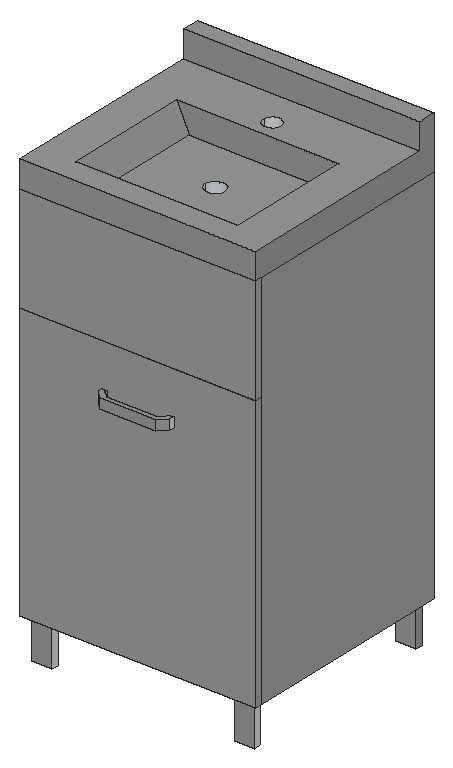
Revit family "MUEBLE LAVADERO ASTOR", category Furniture, Revit 2019
Family settings
  OmniClass Number = 23.40.20.00
  OmniClass Title = General Furniture and Specialties
  Work Plane-Based = No
  Always vertical = Yes
  Cut with Voids When Loaded = No
  Shared = No
  Room Calculation Point = No
Reference planes
  plane 1 "Center (Front/Back)": y = 0
  plane 2: z = 0
  plane 3 "Center (Left/Right)": x = 0
Forms (mm)
  Extrusion 1, solid
    sketch origin (0, 0, 0) x (1, 0, 0) y (0, 1, 0)
      loop
        line (0, 15) -> (530, 15) -> (530, 500) -> (0, 500) -> (0, 15)
    from 0 to 860
  Extrusion 2, solid
    sketch origin (0, 0, 0) x (1, 0, 0) y (0, 1, 0)
      loop
        line (15, 485) -> (15, 470) -> (60, 470) -> (60, 485) -> (15, 485)
      loop
        line (60, 15) -> (60, 30) -> (15, 30) -> (15, 15) -> (60, 15)
      loop
        line (470, 30) -> (470, 15) -> (515, 15) -> (515, 30) -> (470, 30)
      loop
        line (470, 470) -> (515, 470) -> (515, 485) -> (470, 485) -> (470, 470)
    from -92.612 to 7.388
  Extrusion 3, solid
    sketch origin (0, 0, 0) x (0, 1, 0) y (0, 0, 1)
      loop
        line (500, 860) -> (500, 980) -> (460, 980) -> (460, 920) -> (0, 920) -> (0, 860) -> (500, 860)
    from 0 to 530
  Extrusion 4, solid
    sketch origin (0, 0, 0) x (0, 1, 0) y (0, 0, 1)
      loop
        line (0, 620) -> (0, 0) -> (15, 0) -> (15, 620) -> (0, 620)
    from 0 to 530
  Extrusion 5, solid
    sketch origin (0, 0, 0) x (0, 1, 0) y (0, 0, 1)
      loop
        line (15, 860) -> (0, 860) -> (0, 620) -> (15, 620) -> (15, 860)
    from 0 to 530
  Extrusion 6, void
    sketch origin (0, 0, 0) x (1, 0, 0) y (0, 0, 1)
      loop
        line (265, 920) -> (82.978, 920) -> (125.309, 829.222) -> (404.691, 829.222) -> (447.022, 920) -> (265, 920)
    from -336.438 to -52.879
  Extrusion 7, void
    sketch origin (0, 0, 0) x (1, 0, 0) y (0, 1, 0)
      loop
        circle (265, 216.438) r 22
      loop
        circle (265, 378.438) r 20
    from 620 to 980
  Extrusion 8, solid
    sketch origin (0, 0, 0) x (1, 0, 0) y (0, 1, 0)
      loop
        line (195, 0) -> (185, 0) -> (185, -10) -> (202.678, -27.678) -> (327.322, -27.678) -> (345, -10) -> (345, 0) -> (335, 0) -> (335, -5.858) -> (323.18, -17.678) -> (206.82, -17.678) -> (195, -5.858) -> (195, 0)
    from 499.813 to 522.153
Cuts and joins
  Extrusion 6, Extrusion 7 cuts Extrusion 3
  Extrusion 7 cuts Extrusion 1
Dimensions and locks
  aligned and locked: level to plane 2
